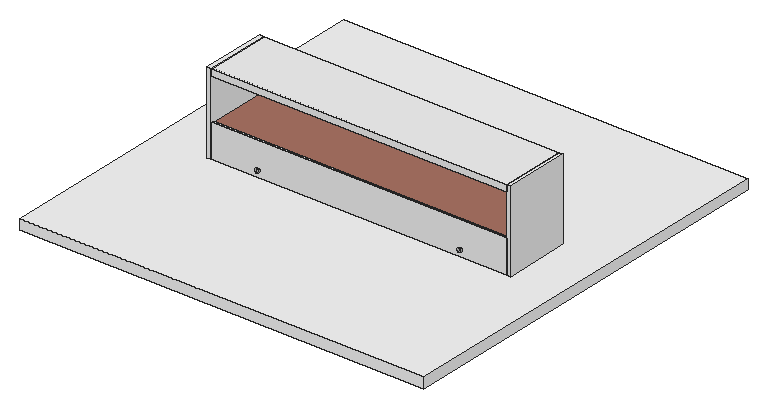
Revit family "BE_50818.6_de_DE", category Leuchten, Revit 2020
Family settings
  Basisbauteil = Fläche
  Bemaßung runder Anschluss = Durchmesser verwenden
  Teiletyp = Normal
  Beim Laden mit Abzugskörper schneiden = Ja
  Lichtquelle = Ja
  Gemeinsam genutzt = Nein
  Raumberechnungspunkt = Ja
Parameters (values of type "BEGA_50818.6_K3")
  built-in parameter 1150104 = 14.486 (stored number, unit not read)
  Wattage = 11.8 W
  Default Elevation = 0 mm
  built-in parameter 1150113 = 1 (stored number, unit not read)
  built-in parameter 1114218 = 1 (stored number, unit not read)
  Umgebungstemperatur = "25 °C"
  URL = "https://www.bega.com/de/produkt/50818.6"
  Typenkommentare = "© 2023 BEGA. Wir behalten uns das Recht vor, technische Änderungen ohne vorherige Ankündigung vorzunehmen."  # constant formula
  built-in parameter 1150134 = (empty or 0)
  built-in parameter 1150109 = 1 (stored number, unit not read)
  built-in parameter 1150110 = 1 (stored number, unit not read)
  Spannung = 239.996 V
  Sonderanfertigung = no
  Seriennummer [instance] = "Hier können Sie die eindeutige Seriennummer für das Facility Management eintragen."
  Schutzklasse = "I"
  Schutzart = "IP 20"
  Scheinlast = 0 VA
  Produktdatenblatt = "https://cdn.bega.com/bega/products/50818.6K3/current/documents/data-sheets/de"
  Neigungswinkel = 0.00°
  Modell = "50818.6K3"
  Material_34 = BEGA_Oberfläche_Samtweiss_matt
  Material_29 = BEGA_Oberfläche_Kupfer_matt
  Material_15 = BEGA_Leuchtmedium_matt
  Material_13 = BEGA_Kunststoff_matt
  Material_06 = BEGA_Oberfläche_Edelstahl_gebürstet
  Material_05 = BEGA_Oberfläche_Aluminium Guss
  Material_04 = BEGA_Kunststoff_Grafit_matt
  M_W = no
  M_G = no
  M_A = no
  Logo = 0
  built-in parameter 1114217 = 1 (stored number, unit not read)
  built-in parameter 1150139 = (empty or 0)
  built-in parameter 1150105 = 146.42 (stored number, unit not read)
  built-in parameter 1150114 = 1 (stored number, unit not read)
  Lumens = 1839.97 lm
  built-in parameter 1150115 = 1 (stored number, unit not read)
  Leuchtenlichtstrom = "675 lm"
  Lebensdauerkriterien = "L70B50 @ 25 °C = 200000 h"
  Lastklassifizierung = Beleuchtung
  built-in parameter 1150112 = 1 (stored number, unit not read)
  Lampenlichtstrom = "1840 lm"
  Lampe = "LED 11.8 W"
  LED_Modulbezeichnung = "LED-0393/930"
  Hersteller = "BEGA"  # constant formula
  Gewicht = "0.9 kg"
  Frequenz = "0/50-60 Hz"
  Farbwiedergabeindex = "CRI > 90"
  Farbtemperaturverschiebung bei Dämpfen der Lampe = <Keine Auswahl>
  Farbtemperatur = "3000 K"
  Color Filter = 16777215
  built-in parameter 1150133 = 10 (stored number, unit not read)
  Energieeffizienzklasse = "LED A++ - A"
  built-in parameter 1150137 = (empty or 0)
  built-in parameter 1150132 = (empty or 0)
  ENEC = "ja"
  Dimmbar [instance] = "on/off"
  Datei für fotometrisches Netz = "BE_50818-6K3.ies"
  CE_Konformität = "ja"
  Bestellnummer = "50818.6K3"
  Beschreibung_Sonderanfertigung = "Hier können Sie Informationen zur Sonderanfertigung eintragen."
  Beschreibung = "Wandleuchte"
  built-in parameter 1150106 = 1.4642 (stored number, unit not read)
  Befestigungsbohrung = "Ø 4,5 mm"
  Befestigungsabstand = "210 mm"
  BEGA_Intern_aus = yes
  BEGA_Intern_an = yes
  BEGA_Intern_Konstruktion = yes
  BEGA_Intern = yes
  BEGA_IES = yes
  BEGA_Dummy = no
  Anschlussleistung [instance] = "13.7 W"
  built-in parameter 1150107 = 3000 (stored number, unit not read)
  built-in parameter 1150102 = (empty or 0)
  built-in parameter 1150138 = (empty or 0)
  Aktualisierung = "2023-06-06T04:00:04"
  AC/DC = "AC/DC"
Reference planes
  plane 1 "Mitte (Vorne/Hinten)": y = 0
  plane 2: z = 0
  plane 3 "Mitte (Links/Rechts)": x = 0
  plane 4 "Links": x = -147
  plane 5 "Rechts": x = 153
  plane 6 "Unten": y = -35.672
  plane 7 "Oben": y = 30.329
  plane 8 "Vorne": z = 80
  plane 9 "Hinten": z = 0
Forms (mm)
  Extrusion 1, solid, material "BEGA_Platte_Weiss"
    sketch origin (0, -1119.2, 0) x (1, 0, 0) y (0, 1, 0)
      loop
        line (-200, 1319.2) -> (-200, 919.2) -> (200, 919.2) -> (200, 1319.2) -> (-200, 1319.2)
    from 0 to -10
  Extrusion 2, solid, material "BEGA_Dummy_matt", visible <- "BEGA_Dummy"
    sketch origin (80.095, -76.023, 0) x (1, 0, 0) y (0, 1, 0)
      loop
        line (-227.095, 106.352) -> (-227.095, 40.351) -> (72.905, 40.351) -> (72.905, 106.352) -> (-227.095, 106.352)
    from 0 to 80
Dimensions and locks
  plane 1 "Mitte (Vorne/Hinten)" to Extrusion 1 = 200 mm
  aligned and locked: Extrusion 1 to plane 2
  aligned and locked: Extrusion 1 to level
Nested families
  nested 1: "BE_50818.6_Leuchte" at (0, 0, 0), type "BEGA_50818.2_K3"
Connectors
  electrical at (0, 0, 0), driven by "Lastklassifizierung", driven by "Spannung", driven by "Scheinlast"
    settings: index 1, voltage 239.996 V, apparent load 0 VA, apparent load phase1 0 VA, apparent load phase2 0 VA, apparent load phase3 0 VA, power factor 1, load classification "Beleuchtung", number of poles 1, system type 31, power factor state 1, is connector primary yes, connector utility no, sub classification motor no, connector description ""
Definition of nested family "BE_50818.6_Leuchte"
  Parameters (values of type "BEGA_50818.2_K3")
    Default Elevation = 1 mm
    URL = "https://www.bega.com/de/produkt/50818.2"
    Type Comments = "© 2015 BEGA. Wir behalten uns das Recht vor, technische Änderungen ohne vorherige Ankündigung vorzunehmen. "  # constant formula
    Type Image = (empty or 0)
    Material_34 = none
    Material_29 = none
    Material_15 = none
    Material_13 = none
    Material_06 = none
    Material_05 = none
    Material_04 = none
    Länge_Platte = 350 mm  # constant formula
    Höhe_Platte = -10 mm  # constant formula
    Manufacturer = "BEGA"  # constant formula
    Breite_Platte = 200 mm  # constant formula
  Reference planes
    plane 1 "Mitte (Oben/Unten)": y = 0
    plane 2: z = 0
    plane 3 "Mitte (Links/Rechts)": x = 0
    plane 4: z = 80
    plane 5: y = -35.672
    plane 6: y = 30.329
    plane 7: x = 153
    plane 8: x = -147
  Forms (mm)
    Extrusion 1, solid, detail levels medium
      sketch origin (0, 0, 0) x (1, 0, 0) y (0, 1, 0)
        loop
          line (-175, 100) -> (-175, -100) -> (175, -100) -> (175, 100) -> (-175, 100)
      from 0 to -10 <- "Höhe_Platte"
    Extrusion 2, solid, material <- "Material_05"
      sketch origin (0, 0, 0) x (0, 1, 0) y (0, 0, 1)
        loop
          line (-20, 5.5) -> (-25, 10.5) -> (-26.414, 9.086) -> (-21.715, 4.387)
          arc (-21.715, 4.387) -> (-20.739, 3.731) -> (-19.586, 3.5) r 3
          line (-19.586, 3.5) -> (19.586, 3.5)
          arc (19.586, 3.5) -> (20.737, 3.73) -> (21.712, 4.383) r 3
          line (21.712, 4.383) -> (26.414, 9.086) -> (25, 10.5) -> (20, 5.5) -> (-20, 5.5)
      from -132 to 138
    Revolve 3, solid, material <- "Material_05"
      sketch origin (-102, 0, 0) x (0, 1, 0) y (0, 0, 1)
        loop
          line (13, 3.5) -> (13, 0) -> (15, 0)
          arc (15, 0) -> (16.049, 0.297) -> (16.787, 1.101) r 2
          line (16.787, 1.101) -> (18, 3.5) -> (13, 3.5)
        axis (13, 0) -> (13, 3.5)
      angle from 0 to 360
    Revolve 4, solid, material <- "Material_05"
      sketch origin (108, 0, 0) x (0, 1, 0) y (0, 0, 1)
        loop
          line (13, 3.5) -> (13, 0) -> (15, 0)
          arc (15, 0) -> (16.049, 0.297) -> (16.787, 1.101) r 2
          line (16.787, 1.101) -> (18, 3.5) -> (13, 3.5)
        axis (13, 0) -> (13, 3.5)
      angle from 0 to 360
    Revolve 5, solid, material <- "Material_05"
      sketch origin (-102, -26, 0) x (0, 1, 0) y (0, 0, 1)
        loop
          line (13, 3.5) -> (13, 0) -> (15, 0)
          arc (15, 0) -> (16.049, 0.297) -> (16.787, 1.101) r 2
          line (16.787, 1.101) -> (18, 3.5) -> (13, 3.5)
        axis (13, 0) -> (13, 3.5)
      angle from 0 to 360
    Revolve 6, solid, material <- "Material_05"
      sketch origin (108, -26, 0) x (0, 1, 0) y (0, 0, 1)
        loop
          line (13, 3.5) -> (13, 0) -> (15, 0)
          arc (15, 0) -> (16.049, 0.297) -> (16.787, 1.101) r 2
          line (16.787, 1.101) -> (18, 3.5) -> (13, 3.5)
        axis (13, 0) -> (13, 3.5)
      angle from 0 to 360
    Extrusion 7, void
      sketch origin (0, 0, 0) x (1, 0, 0) y (0, 1, 0)
        loop
          arc (-76, 15) -> (-91, 0) -> (-76, -15) r 15
          line (-76, -15) -> (-46, -15)
          arc (-46, -15) -> (-31, 0) -> (-46, 15) r 15
          line (-46, 15) -> (-76, 15)
        loop
          line (-99.25, 2.25) -> (-104.75, 2.25)
          arc (-104.75, 2.25) -> (-107, 0) -> (-104.75, -2.25) r 2.25
          line (-104.75, -2.25) -> (-99.25, -2.25)
          arc (-99.25, -2.25) -> (-97, 0) -> (-99.25, 2.25) r 2.25
        loop
          arc (105.75, -2.75) -> (108, -5) -> (110.25, -2.75) r 2.25
          line (110.25, -2.75) -> (110.25, 2.75)
          arc (110.25, 2.75) -> (108, 5) -> (105.75, 2.75) r 2.25
          line (105.75, 2.75) -> (105.75, -2.75)
      from 3.5 to 5.5
    Extrusion 8, solid, material <- "Material_34"
      sketch origin (0, 0, 0) x (0, 1, 0) y (0, 0, 1)
        loop
          line (-34.671, 80) -> (-34.671, 74) -> (-33.171, 74) -> (-33.171, 76) -> (28.829, 75.999) -> (28.829, 73.999) -> (30.329, 73.999) -> (30.329, 79.999) -> (-34.671, 80)
        loop
          line (30.329, 33) -> (28.329, 32.999) -> (28.329, 30.999) -> (-32.671, 31) -> (-32.671, 33) -> (-34.672, 33) -> (-34.572, 0) -> (-31.672, 0) -> (-31.672, 2)
          arc (-31.672, 2) -> (-31.525, 2.354) -> (-31.172, 2.5) r 0.5
          arc (-31.172, 2.5) -> (-30.818, 2.646) -> (-30.672, 3) r 0.5
          line (-30.672, 3) -> (-30.672, 10)
          arc (-30.672, 10) -> (-30.818, 10.354) -> (-31.172, 10.5) r 0.5
          arc (-31.172, 10.5) -> (-31.525, 10.647) -> (-31.672, 11) r 0.5
          line (-31.672, 11) -> (-31.671, 29) -> (27.329, 28.999) -> (27.328, 9.999) -> (24.328, 6.999) -> (24.328, 4.999) -> (27.328, 4.999) -> (27.328, 0) -> (30.328, 0) -> (30.329, 33)
      from -143 to 149
    Extrusion 9, solid, material <- "Material_34"
      sketch origin (0, 0, 0) x (1, 0, 0) y (0, 1, 0)
        loop
          line (-147, -34.671) -> (-143, -34.671) -> (-143, 30.329) -> (-147, 30.329) -> (-147, -34.671)
        loop
          line (153, -34.671) -> (153, 30.329) -> (149, 30.329) -> (149, -34.671) -> (153, -34.671)
      from 0 to 80
    Extrusion 10, solid, material <- "Material_13"
      sketch origin (0, 0, 0) x (0, 1, 0) y (0, 0, 1)
        loop
          line (-28.209, 76) -> (-29.566, 76)
          arc (-29.566, 76) -> (-2.171, 63.747) -> (25.225, 75.999) r 36.753
          line (25.225, 75.999) -> (23.868, 75.999)
          arc (23.868, 75.999) -> (-2.171, 64.747) -> (-28.209, 76) r 35.753
      from -143 to 149
    Extrusion 11, solid, material <- "Material_04"
      sketch origin (0, 0, 0) x (0, 1, 0) y (0, 0, 1)
        loop
          line (15.629, 74.2) -> (15.629, 76) -> (-5.371, 76) -> (-5.371, 74.2) -> (15.629, 74.2)
      from -113.657 to 128.343
    Extrusion 12, solid, material <- "Material_15"
      sketch origin (0, 152.703, 0) x (1, 0, 0) y (0, 1, 0)
        loop
          line (-111.257, -153.073) -> (-111.257, -156.073) -> (-108.257, -156.073) -> (-108.257, -153.073) -> (-111.257, -153.073)
        loop
          line (-104.566, -156.073) -> (-101.566, -156.073) -> (-101.566, -153.073) -> (-104.566, -153.073) -> (-104.566, -156.073)
        loop
          line (-97.874, -156.073) -> (-94.874, -156.073) -> (-94.874, -153.073) -> (-97.874, -153.073) -> (-97.874, -156.073)
        loop
          line (-91.183, -156.073) -> (-88.183, -156.073) -> (-88.183, -153.073) -> (-91.183, -153.073) -> (-91.183, -156.073)
        loop
          line (-84.491, -156.073) -> (-81.491, -156.073) -> (-81.491, -153.073) -> (-84.491, -153.073) -> (-84.491, -156.073)
        loop
          line (-77.8, -156.073) -> (-74.8, -156.073) -> (-74.8, -153.073) -> (-77.8, -153.073) -> (-77.8, -156.073)
        loop
          line (-71.108, -156.073) -> (-68.108, -156.073) -> (-68.108, -153.073) -> (-71.108, -153.073) -> (-71.108, -156.073)
        loop
          line (-64.417, -156.073) -> (-61.417, -156.073) -> (-61.417, -153.073) -> (-64.417, -153.073) -> (-64.417, -156.073)
        loop
          line (-57.726, -156.073) -> (-54.726, -156.073) -> (-54.726, -153.073) -> (-57.726, -153.073) -> (-57.726, -156.073)
        loop
          line (-51.034, -156.073) -> (-48.034, -156.073) -> (-48.034, -153.073) -> (-51.034, -153.073) -> (-51.034, -156.073)
        loop
          line (-44.343, -156.073) -> (-41.343, -156.073) -> (-41.343, -153.073) -> (-44.343, -153.073) -> (-44.343, -156.073)
        loop
          line (-37.651, -156.073) -> (-34.651, -156.073) -> (-34.651, -153.073) -> (-37.651, -153.073) -> (-37.651, -156.073)
        loop
          line (-30.96, -156.073) -> (-27.96, -156.073) -> (-27.96, -153.073) -> (-30.96, -153.073) -> (-30.96, -156.073)
        loop
          line (-24.268, -156.073) -> (-21.268, -156.073) -> (-21.268, -153.073) -> (-24.268, -153.073) -> (-24.268, -156.073)
        loop
          line (-17.577, -156.073) -> (-14.577, -156.073) -> (-14.577, -153.073) -> (-17.577, -153.073) -> (-17.577, -156.073)
        loop
          line (-10.886, -156.073) -> (-7.886, -156.073) -> (-7.886, -153.073) -> (-10.886, -153.073) -> (-10.886, -156.073)
        loop
          line (-4.194, -156.073) -> (-1.194, -156.073) -> (-1.194, -153.073) -> (-4.194, -153.073) -> (-4.194, -156.073)
        loop
          line (2.497, -156.073) -> (5.497, -156.073) -> (5.497, -153.073) -> (2.497, -153.073) -> (2.497, -156.073)
        loop
          line (9.189, -156.073) -> (12.189, -156.073) -> (12.189, -153.073) -> (9.189, -153.073) -> (9.189, -156.073)
        loop
          line (15.88, -156.073) -> (18.88, -156.073) -> (18.88, -153.073) -> (15.88, -153.073) -> (15.88, -156.073)
        loop
          line (22.572, -156.073) -> (25.572, -156.073) -> (25.572, -153.073) -> (22.572, -153.073) -> (22.572, -156.073)
        loop
          line (29.263, -156.073) -> (32.263, -156.073) -> (32.263, -153.073) -> (29.263, -153.073) -> (29.263, -156.073)
        loop
          line (35.954, -156.073) -> (38.954, -156.073) -> (38.954, -153.073) -> (35.954, -153.073) -> (35.954, -156.073)
        loop
          line (42.646, -156.073) -> (45.646, -156.073) -> (45.646, -153.073) -> (42.646, -153.073) -> (42.646, -156.073)
        loop
          line (49.337, -156.073) -> (52.337, -156.073) -> (52.337, -153.073) -> (49.337, -153.073) -> (49.337, -156.073)
        loop
          line (56.029, -156.073) -> (59.029, -156.073) -> (59.029, -153.073) -> (56.029, -153.073) -> (56.029, -156.073)
        loop
          line (62.72, -156.073) -> (65.72, -156.073) -> (65.72, -153.073) -> (62.72, -153.073) -> (62.72, -156.073)
        loop
          line (69.412, -156.073) -> (72.412, -156.073) -> (72.412, -153.073) -> (69.412, -153.073) -> (69.412, -156.073)
        loop
          line (76.103, -156.073) -> (79.103, -156.073) -> (79.103, -153.073) -> (76.103, -153.073) -> (76.103, -156.073)
        loop
          line (82.794, -156.073) -> (85.794, -156.073) -> (85.794, -153.073) -> (82.794, -153.073) -> (82.794, -156.073)
        loop
          line (89.486, -156.073) -> (92.486, -156.073) -> (92.486, -153.073) -> (89.486, -153.073) -> (89.486, -156.073)
        loop
          line (96.177, -153.073) -> (96.177, -156.073) -> (99.177, -156.073) -> (99.177, -153.073) -> (96.177, -153.073)
        loop
          line (102.869, -156.073) -> (105.869, -156.073) -> (105.869, -153.073) -> (102.869, -153.073) -> (102.869, -156.073)
        loop
          line (109.56, -156.073) -> (112.56, -156.073) -> (112.56, -153.073) -> (109.56, -153.073) -> (109.56, -156.073)
        loop
          line (116.252, -156.073) -> (119.252, -156.073) -> (119.252, -153.073) -> (116.252, -153.073) -> (116.252, -156.073)
        loop
          line (122.943, -156.073) -> (125.943, -156.073) -> (125.943, -153.073) -> (122.943, -153.073) -> (122.943, -156.073)
      from 73.551 to 74.335
    Extrusion 13, solid, material <- "Material_29"
      sketch origin (0, 0, 0) x (0, 1, 0) y (0, 0, 1)
        loop
          line (28.129, 30.999) -> (28.129, 32.499) -> (-32.467, 32.5) -> (-32.467, 31) -> (28.129, 30.999)
      from -140.8 to 146.8
    Revolve 14, solid, material <- "Material_06"
      sketch origin (-97, 0, 0) x (0, 1, 0) y (0, 0, 1)
        loop
          line (-24.728, 6.5) -> (-25.957, 8.629) -> (-26.672, 9.214) -> (-26.672, 8.404) -> (-27.639, 8.404) -> (-28.672, 9) -> (-32.996, 9) -> (-33.71, 8.5) -> (-35.672, 8.5) -> (-35.672, 6.5) -> (-24.728, 6.5)
        axis (-24.728, 6.5) -> (-35.672, 6.5)
      angle from 0 to 360
    Revolve 15, solid, material <- "Material_06"
      sketch origin (103, 0, 0) x (0, 1, 0) y (0, 0, 1)
        loop
          line (-24.728, 6.5) -> (-25.957, 8.629) -> (-26.672, 9.214) -> (-26.672, 8.404) -> (-27.639, 8.404) -> (-28.672, 9) -> (-32.996, 9) -> (-33.71, 8.5) -> (-35.672, 8.5) -> (-35.672, 6.5) -> (-24.728, 6.5)
        axis (-24.728, 6.5) -> (-35.672, 6.5)
      angle from 0 to 360
  Cuts and joins
    Extrusion 7 cuts Extrusion 2
    Extrusion 7 cuts Revolve 3
    Extrusion 7 cuts Revolve 4
    Extrusion 7 cuts Revolve 5
    Extrusion 7 cuts Revolve 6
    joined: Extrusion 2, Revolve 3, Revolve 4, Revolve 5, Revolve 6
  Dimensions and locks
    equal spacing: Extrusion 1 sketch curve, plane 3 "Mitte (Links/Rechts)", Extrusion 1 sketch curve
    equal spacing: Extrusion 1 sketch curve, plane 1 "Mitte (Oben/Unten)", Extrusion 1 sketch curve
    "Länge_Platte": Extrusion 1 sketch curve to Extrusion 1 sketch curve
    "Breite_Platte": Extrusion 1 sketch curve to Extrusion 1 sketch curve
    plane 1 "Mitte (Oben/Unten)" to Extrusion 1 = 100 mm  (x3)
    aligned and locked: Extrusion 1 to plane 2
    aligned and locked: Extrusion 1 to level
  Automatic sketch dimensions
    level to Extrusion 2 sketch curve = 9.086 mm  (x2)
    plane 1 "Mitte (Oben/Unten)" to Extrusion 2 sketch curve = 26.414 mm
    level to Extrusion 2 sketch curve = 10.5 mm  (x2)
    Extrusion 2 sketch curve to Extrusion 2 sketch curve = 1.414 mm  (x2)
    level to Extrusion 2 sketch curve = 4.387 mm
    Extrusion 2 sketch curve to Extrusion 2 sketch curve = 4.699 mm
    level to Extrusion 2 sketch curve = 5.5 mm
    Extrusion 2 sketch curve to Extrusion 2 sketch curve = 1.715 mm
    Extrusion 2 sketch curve to Extrusion 2 sketch curve = 0.414 mm  (x2)
    level to Extrusion 2 sketch curve = 6.5 mm
    Extrusion 2 sketch curve to plane 1 "Mitte (Oben/Unten)" = 19.586 mm
    level to Extrusion 2 sketch curve = 4.383 mm
    Extrusion 2 sketch curve to Extrusion 2 sketch curve = 1.712 mm
    Extrusion 2 sketch curve to Extrusion 2 sketch curve = 5.414 mm
    Revolve 3 sketch curve to level = 0 mm
    level to Revolve 3 sketch curve = 3.5 mm
    Revolve 3 sketch curve to plane 1 "Mitte (Oben/Unten)" = 13 mm
    Revolve 3 sketch curve to Revolve 3 sketch curve = 2 mm  (x3)
    level to Revolve 3 sketch curve = 1.101 mm
    Revolve 3 sketch curve to Revolve 3 sketch curve = 1.787 mm
    Revolve 3 sketch curve to Revolve 3 sketch curve = 1.213 mm
    Revolve 3 sketch curve to Revolve 3 sketch curve = 0 mm
    Revolve 4 sketch curve to level = 0 mm
    level to Revolve 4 sketch curve = 3.5 mm
    Revolve 4 sketch curve to plane 1 "Mitte (Oben/Unten)" = 13 mm
    Revolve 4 sketch curve to Revolve 4 sketch curve = 2 mm  (x3)
    level to Revolve 4 sketch curve = 1.101 mm
    Revolve 4 sketch curve to Revolve 4 sketch curve = 1.787 mm
    Revolve 4 sketch curve to Revolve 4 sketch curve = 1.213 mm
    Revolve 4 sketch curve to Revolve 4 sketch curve = 0 mm
    Revolve 5 sketch curve to level = 0 mm
    level to Revolve 5 sketch curve = 3.5 mm
    plane 1 "Mitte (Oben/Unten)" to Revolve 5 sketch curve = 13 mm
    Revolve 5 sketch curve to Revolve 5 sketch curve = 2 mm  (x2)
    level to Revolve 5 sketch curve = 1.101 mm
    Revolve 5 sketch curve to Revolve 5 sketch curve = 1.787 mm
    Revolve 5 sketch curve to Revolve 5 sketch curve = 1.213 mm
    Revolve 5 sketch curve to Revolve 5 sketch curve = 0 mm
    Revolve 5 sketch curve to level = 2 mm
    Revolve 6 sketch curve to level = 0 mm
    level to Revolve 6 sketch curve = 3.5 mm
    plane 1 "Mitte (Oben/Unten)" to Revolve 6 sketch curve = 13 mm
    Revolve 6 sketch curve to Revolve 6 sketch curve = 2 mm  (x2)
    level to Revolve 6 sketch curve = 1.101 mm
    Revolve 6 sketch curve to Revolve 6 sketch curve = 1.787 mm
    Revolve 6 sketch curve to Revolve 6 sketch curve = 1.213 mm
    Revolve 6 sketch curve to Revolve 6 sketch curve = 0 mm
    Revolve 6 sketch curve to level = 2 mm
    plane 1 "Mitte (Oben/Unten)" to Extrusion 7 sketch curve = 0 mm  (x2)
    plane 1 "Mitte (Oben/Unten)" to Extrusion 7 sketch curve = 2.25 mm
    Extrusion 7 sketch curve to plane 3 "Mitte (Links/Rechts)" = 104.75 mm
    Extrusion 7 sketch curve to Extrusion 7 sketch curve = 5.5 mm
    Extrusion 7 sketch curve to Extrusion 7 sketch curve = 23.25 mm
    Extrusion 7 sketch curve to Extrusion 7 sketch curve = 30 mm
    Extrusion 7 sketch curve to plane 1 "Mitte (Oben/Unten)" = 2.75 mm
    plane 3 "Mitte (Links/Rechts)" to Extrusion 7 sketch curve = 105.75 mm
    Extrusion 7 sketch curve to Extrusion 7 sketch curve = 2.25 mm
    plane 1 "Mitte (Oben/Unten)" to Extrusion 7 sketch curve = 2.75 mm
    plane 1 "Mitte (Oben/Unten)" to Extrusion 7 sketch curve = 15 mm
    Extrusion 8 sketch curve to level = 0 mm  (x2)
    plane 1 "Mitte (Oben/Unten)" to Extrusion 8 sketch curve = 34.672 mm
    plane 1 "Mitte (Oben/Unten)" to Extrusion 8 sketch curve = 34.671 mm
    Extrusion 8 sketch curve to Extrusion 8 sketch curve = 0 mm  (x9)
    Extrusion 8 sketch curve to Extrusion 8 sketch curve = 0.1 mm
    Extrusion 8 sketch curve to Extrusion 8 sketch curve = 1.5 mm  (x2)
    Extrusion 8 sketch curve to Extrusion 8 sketch curve = 2 mm  (x7)
    Extrusion 8 sketch curve to Extrusion 8 sketch curve = 2.9 mm
    level to Extrusion 8 sketch curve = 2 mm
    level to Extrusion 8 sketch curve = 11 mm
    level to Extrusion 8 sketch curve = 29 mm
    Extrusion 8 sketch curve to Extrusion 8 sketch curve = 1 mm  (x2)
    Extrusion 8 sketch curve to Extrusion 8 sketch curve = 0.5 mm  (x7)
    level to Extrusion 8 sketch curve = 3 mm
    level to Extrusion 8 sketch curve = 10 mm
    level to Extrusion 8 sketch curve = 4.999 mm
    Extrusion 8 sketch curve to plane 1 "Mitte (Oben/Unten)" = 24.328 mm
    level to Extrusion 8 sketch curve = 6.999 mm
    Extrusion 8 sketch curve to Extrusion 8 sketch curve = 3 mm  (x3)
    level to Extrusion 8 sketch curve = 9.999 mm
    Extrusion 8 sketch curve to plane 1 "Mitte (Oben/Unten)" = 28.829 mm
    Extrusion 8 sketch curve to Extrusion 8 sketch curve = 41 mm  (x2)
    Extrusion 9 sketch curve to plane 1 "Mitte (Oben/Unten)" = 30.329 mm  (x2)
    Extrusion 9 sketch curve to plane 3 "Mitte (Links/Rechts)" = 147 mm
    Extrusion 9 sketch curve to Extrusion 9 sketch curve = 4 mm  (x2)
    plane 1 "Mitte (Oben/Unten)" to Extrusion 9 sketch curve = 34.671 mm  (x2)
    plane 3 "Mitte (Links/Rechts)" to Extrusion 9 sketch curve = 149 mm
    Extrusion 10 sketch curve to Extrusion 10 sketch curve = 0 mm  (x4)
    plane 1 "Mitte (Oben/Unten)" to Extrusion 10 sketch curve = 29.566 mm
    Extrusion 10 sketch curve to Extrusion 10 sketch curve = 1.357 mm  (x2)
    plane 1 "Mitte (Oben/Unten)" to Extrusion 10 sketch curve = 2.171 mm
    Extrusion 10 sketch curve to plane 1 "Mitte (Oben/Unten)" = 23.868 mm
    level to Extrusion 10 sketch curve = 75.999 mm
    plane 1 "Mitte (Oben/Unten)" to Extrusion 11 sketch curve = 5.371 mm
    Extrusion 11 sketch curve to Extrusion 11 sketch curve = 0 mm  (x2)
    Extrusion 11 sketch curve to plane 1 "Mitte (Oben/Unten)" = 15.629 mm
    level to Extrusion 11 sketch curve = 74.2 mm
    plane 1 "Mitte (Oben/Unten)" to Extrusion 12 sketch curve = 0.37 mm  (x36)
    Extrusion 12 sketch curve to plane 3 "Mitte (Links/Rechts)" = 111.257 mm
    Extrusion 12 sketch curve to Extrusion 12 sketch curve = 3 mm  (x54)
    Extrusion 12 sketch curve to Extrusion 12 sketch curve = 3.691 mm  (x34)
    Extrusion 12 sketch curve to plane 3 "Mitte (Links/Rechts)" = 1.194 mm
    plane 3 "Mitte (Links/Rechts)" to Extrusion 12 sketch curve = 2.497 mm
    plane 1 "Mitte (Oben/Unten)" to Extrusion 12 sketch curve = 3.37 mm  (x17)
    plane 1 "Mitte (Oben/Unten)" to Extrusion 13 sketch curve = 32.467 mm
    Extrusion 13 sketch curve to plane 1 "Mitte (Oben/Unten)" = 28.129 mm
    level to Extrusion 13 sketch curve = 30.999 mm
    level to Extrusion 13 sketch curve = 31 mm
    Extrusion 13 sketch curve to Extrusion 13 sketch curve = 1.5 mm  (x2)
    level to Revolve 14 sketch curve = 6.5 mm
    plane 1 "Mitte (Oben/Unten)" to Revolve 14 sketch curve = 35.672 mm
    Revolve 14 sketch curve to Revolve 14 sketch curve = 0 mm  (x4)
    Revolve 14 sketch curve to Revolve 14 sketch curve = 1.961 mm
    Revolve 14 sketch curve to Revolve 14 sketch curve = 0.714 mm  (x2)
    level to Revolve 14 sketch curve = 9 mm
    Revolve 14 sketch curve to Revolve 14 sketch curve = 4.325 mm
    Revolve 14 sketch curve to Revolve 14 sketch curve = 1.033 mm
    level to Revolve 14 sketch curve = 9.214 mm
    Revolve 14 sketch curve to Revolve 14 sketch curve = 0.967 mm
    level to Revolve 14 sketch curve = 8.629 mm
    Revolve 14 sketch curve to Revolve 14 sketch curve = 1.229 mm
    Revolve 14 sketch curve to Revolve 14 sketch curve = 0.225 mm
    Revolve 14 sketch curve to Revolve 14 sketch curve = 2 mm
    Revolve 14 sketch curve to Revolve 14 sketch curve = 0.5 mm
    level to Revolve 15 sketch curve = 6.5 mm
    plane 1 "Mitte (Oben/Unten)" to Revolve 15 sketch curve = 35.672 mm
    Revolve 15 sketch curve to Revolve 15 sketch curve = 0 mm  (x4)
    Revolve 15 sketch curve to Revolve 15 sketch curve = 1.961 mm
    Revolve 15 sketch curve to Revolve 15 sketch curve = 0.714 mm  (x2)
    level to Revolve 15 sketch curve = 9 mm
    Revolve 15 sketch curve to Revolve 15 sketch curve = 4.325 mm
    Revolve 15 sketch curve to Revolve 15 sketch curve = 1.033 mm
    level to Revolve 15 sketch curve = 9.214 mm
    Revolve 15 sketch curve to Revolve 15 sketch curve = 0.967 mm
    level to Revolve 15 sketch curve = 8.629 mm
    Revolve 15 sketch curve to Revolve 15 sketch curve = 1.229 mm
    Revolve 15 sketch curve to Revolve 15 sketch curve = 0.225 mm
    Revolve 15 sketch curve to Revolve 15 sketch curve = 2 mm
    Revolve 15 sketch curve to Revolve 15 sketch curve = 0.5 mm
